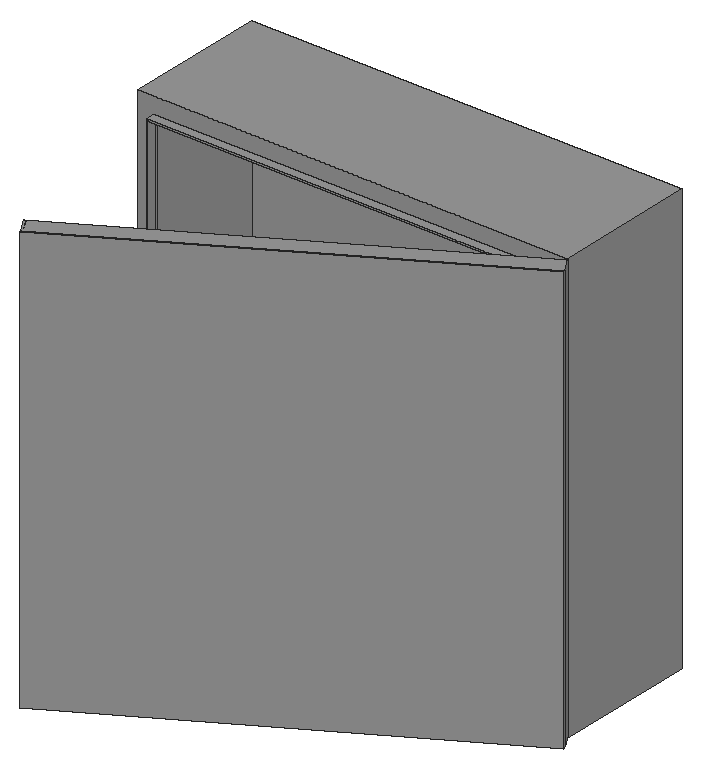
Revit family "Hager-Orion_Inox-IP66-D150-Cl.I-Inox_encl-630A-400mm-NoHosted-CH-de", category Electrical Equipment, Revit 2020
Family settings
  Panel Configuration = Two Columns, Circuits Across
  Round Connector Dimension = Use Diameter
  Part Type = Panelboard
  Work Plane-Based = Yes
  Always vertical = Yes
  Cut with Voids When Loaded = No
  Shared = No
  Room Calculation Point = No
Parameters (values of type "Aufputz IP66 B400 H400 T150  - FL014BWL")
  Width Control [instance] = if([EF000008 - Breite] > Min Width, [EF000008 - Breite], Min Width)  # 400 mm
  Type Comments = [HG000003 - Bereich]  # "Orion Inox"
  Thickness Door [instance] = if([EF009171 - Materialstärke Tür/Deckel] > 3 mm, 3 mm, [EF009171 - Materialstärke Tür/Deckel])  # 1.5 mm
  Seal Frame Offset [instance] = 17 mm  # constant formula
  Min Width [instance] = 100 mm  # constant formula
  Min Depth [instance] = (2 * [EF009170 - Materialstärke Gehäuse]) + 1 mm  # 4 mm
  Min Height [instance] = 100 mm  # constant formula
  Internal Frame Depth [instance] = -(Door System Depth * 0.5)  # -9 mm
  Panel Name [instance] = ""  # (empty or 0)
  Model = ""
  HG000027 - Sockelhöhe = 0 mm
  HG000026 - Stehend auf dem Boden = no
  HG000024 - Höhe des unteren Teils = 600 mm
  HG000023 - Gehäuse mit doppeltem Querschnitt = no
  HG000016 - 3D-Türsichtbarkeit [instance] = yes
  HG000015 - Sichtbarkeit der Türöffnung [instance] = no
  HG000014 - Tür rechts [instance] = yes
  HG000013 - Tür links [instance] = not([HG000014 - Tür rechts])  # no
  HG000012 - Türschwenkwinkel [instance] = 30.00°
  HG000010 - Asymmetrische Türen = no
  HG000009 - Doppelflügeligen Tür = no
  HG000006 - Unterputz = no
  HG000004 - Herstellerreferenz = "FL014BWL"
  HG000003 - Bereich = "Orion Inox"
  HG000002 - Mit tür = yes
  Frame Offset Bottom [instance] = 10 mm  # constant formula
  Frame Offset [instance] = 15 mm  # constant formula
  EF015940 - Deckel mit Überdruckentlastung = no
  EF011959 - Schutzart (NEMA) = ""
  EF009554 - Anzahl der Öffnungen für Flanschplatten = 0
  EF009212 - Ausführung Deckel = "EV009916 - mit Ausschnitt"
  EF009171 - Materialstärke Tür/Deckel = 1.5 mm
  EF009170 - Materialstärke Gehäuse = 1.5 mm
  EF008873 - Nennstrom (In) = 630 A
  EF007800 - Geeignet für Blitzschutz = no
  EF006306 - Mit Schloss = no
  EF006244 - Transparenter Deckel/Tür = no
  EF005474 - Schutzart (IP) = "EV006422 - IP66"
  EF004464 - Art der Tür = "EV002646 - Einzel"
  EF004427 - Anzahl der Module = 0
  EF004293 - Schlagfestigkeit = "EV008784 - IK10"
  EF003532 - Geeignet für Außengebrauch = yes
  EF002950 - Breite in Teilungseinheiten = 0
  EF001613 - Funktionserhalt = ""
  EF001596 - Werkstoff des Gehäuses = "EV000166 - rostfreier Stahl"
  EF001131 - Innentiefe = 116 mm
  EF001088 - Anbaumöglichkeit = yes
  EF000437 - Anzahl der Leitungseinführungen = 0
  EF000339 - Art der Abdeckung = "EV004216 - Tür"
  EF000266 - Anzahl der Reihen = 0
  EF000218 - Einbautiefe = 0 mm
  EF000118 - Mit Montageplatte = no
  EF000116 - RAL-Nummer = ""
  EF000049 - Tiefe = 150 mm
  EF000040 - Höhe = 400 mm
  EF000008 - Breite = 400 mm
  EF000007 - Farbe = "EV000154 - sonstige"
  EF000003 - Montageart = "EV000384 - Aufputz"
  Door System Leaf Tolerance [instance] = 1.5 mm  # constant formula
  Door System Depth [instance] = 18 mm  # constant formula
  Description = ""
  Default Elevation = 1219.2 mm
  Connector Offset [instance] = Height Control / 2  # 200 mm
  Manufacturer = "Hager"  # constant formula
  Height Control [instance] = if([EF000040 - Höhe] > Min Height, [EF000040 - Höhe], Min Height)  # 400 mm
  Depth Control [instance] = if([EF000049 - Tiefe] > Min Depth, [EF000049 - Tiefe], Min Depth)  # 150 mm
Types (4, lengths in mm): name | Width Control | HG000004 - Herstellerreferenz | EF009212 - Ausführung Deckel | EF006306 - Mit Schloss | EF006244 - Transparenter Deckel/Tür | EF004293 - Schlagfestigkeit | EF001613 - Funktionserhalt | EF000008 - Breite
  Aufputz IP66 B300 H400 T150  - FL014TW | 300 | "FL014TW" | "EV000116 - geschlossen" | yes | yes | "EV006814 - IK08" | "EV000494 - ohne" | 300
  Aufputz IP66 B300 H400 T150  - FL014TWL | 300 | "FL014TWL" | "EV000116 - geschlossen" | yes | yes | "EV006814 - IK08" | "EV000494 - ohne" | 300
  Aufputz IP66 B400 H400 T150  - FL014BW | 400 | "FL014BW" | "EV009916 - mit Ausschnitt" | no | no | "EV008784 - IK10" | "" | 400
  Aufputz IP66 B400 H400 T150  - FL014BWL | 400 | "FL014BWL" | "EV009916 - mit Ausschnitt" | no | no | "EV008784 - IK10" | "" | 400
Reference planes
  plane 1 "Center (Front/Back)": y = 0
  plane 2: z = 0
  plane 3 "Center (Left/Right)": x = 0
  plane 4: y = 0
  plane 5: y = 0
  plane 6: z = 0
  plane 7: x = -200
  plane 8: x = 200
  plane 9: x = 198.5
  plane 10: x = -198.5
  plane 11: z = 0
  plane 12: z = 1.5
  plane 13: y = -150
  plane 14: y = -1.5
  plane 15: x = 0
  plane 16: y = -132
  plane 17: y = -148.5
  plane 18: y = -130.5
  plane 19: x = -183.5
  plane 20: x = 183.5
  plane 21: z = 11.5
  plane 22: x = -183
  plane 23: x = 183
  plane 24: z = 0
  plane 25: z = 400
  plane 26: z = 400
  plane 27: z = 383.5
  plane 28: z = 398.5
Forms (mm)
  Extrusion 1, solid, material "Hager_Stainless_Steel", detail levels medium+fine
    sketch origin (-208.679, -4572, 0) x (-1, 0, 0) y (0, -1, 0)
      loop
        line (-8.679, -4440) -> (-408.679, -4440) -> (-408.679, -4572) -> (-8.679, -4572) -> (-8.679, -4440)
    from 0 to 400
  Extrusion 2, void
    sketch origin (-350.771, -150, 1219.2) x (1, 0, 0) y (0, 0, 1)
      loop
        line (152.271, -820.7) -> (152.271, -1217.7) -> (549.271, -1217.7) -> (549.271, -820.7) -> (152.271, -820.7)
    from -19.5 to -148.5
  Extrusion 3, void
    sketch origin (-290.084, -132, 1219.2) x (1, 0, 0) y (0, 0, 1)
      loop
        line (106.584, -1207.7) -> (473.584, -1207.7) -> (473.584, -835.7) -> (106.584, -835.7) -> (106.584, -1207.7)
    from 0 to -1.5
  Extrusion 4, solid, material "Hager_Stainless_Steel", detail levels fine
    sketch origin (-290.084, -132, 1219.2) x (-1, 0, 0) y (0, 0, 1)
      loop
        line (-473.584, -1207.7) -> (-106.584, -1207.7) -> (-106.584, -835.7) -> (-473.584, -835.7) -> (-473.584, -1207.7)
      loop
        line (-475.084, -1209.2) -> (-105.084, -1209.2) -> (-105.084, -834.2) -> (-475.084, -834.2) -> (-475.084, -1209.2)
    from 0 to -9 <- "Internal Frame Depth"
  Extrusion 5, solid, material "Hager_Stainless_Steel", detail levels coarse
    sketch origin (0, 0, 0) x (1, 0, 0) y (0, 1, 0)
      loop
        line (-200, 0) -> (-200, -150) -> (200, -150) -> (200, 0) -> (-200, 0)
    from 0 to 400 <- "Height Control"
Cuts and joins
  Extrusion 2, Extrusion 3 cuts Extrusion 1
Lines and regions (mm)
  Masking region 1
    outline origin (0, 0, 0) x (1, 0, 0) y (0, 1, 0)
      loop
        line (-200, 0) -> (-200, -150) -> (200, -150) -> (200, 0) -> (-200, 0)
  Masking region 2
    outline origin (-290.084, -132, 1219.2) x (-1, 0, 0) y (0, 0, 1)
      loop
        line (-490.084, -1219.2) -> (-90.084, -1219.2) -> (-90.084, -819.2) -> (-490.084, -819.2) -> (-490.084, -1219.2)
  Masking region 3, detail levels coarse
    outline origin (0, 0, 0) x (0, 1, 0) y (0, 0, 1)
      loop
        line (0, 0) -> (0, 400) -> (-150, 400) -> (-150, 0) -> (0, 0)
  Masking region 4, detail levels medium+fine
    outline origin (0, 0, 594.038) x (0, 1, 0) y (0, 0, 1)
      loop
        line (0, -594.038) -> (0, -194.038) -> (-132, -194.038) -> (-132, -594.038) -> (0, -594.038)
Dimensions and locks
  locked: plane 1 "Center (Front/Back)" to plane 5
  "EF009170 - Materialstärke Gehäuse": plane 7 to plane 10
  "EF009170 - Materialstärke Gehäuse": plane 8 to plane 9
  equal spacing: plane 7, plane 3 "Center (Left/Right)", plane 8
  "Width Control": plane 7 to plane 8
  "Depth Control": plane 4 to plane 13
  "EF009170 - Materialstärke Gehäuse": plane 4 to plane 14
  "Height Control": plane 25 to level
  "EF009170 - Materialstärke Gehäuse": plane 12 to plane 11
  "EF009170 - Materialstärke Gehäuse": plane 17 to plane 13
  "EF009170 - Materialstärke Gehäuse": plane 18 to plane 16
  "Frame Offset Bottom": plane 21 to plane 12
  "Frame Offset": plane 10 to plane 19
  "Frame Offset": plane 9 to plane 20
  "Door System Depth": plane 16 to plane 13
  "Seal Frame Offset": plane 7 to plane 22
  "Seal Frame Offset": plane 8 to plane 23
  "EF009170 - Materialstärke Gehäuse": plane 26 to plane 28
  "Frame Offset": plane 28 to plane 27
  "Connector Offset": plane 2 to connector elem
  "Thickness Door": cut or joined group of Extrusion 1, Extrusion 2, Extrusion 3 to Extrusion 4 sketch curve
  "Thickness Door": Extrusion 4 sketch curve to plane 19
  "Thickness Door": Extrusion 4 sketch curve to plane 20
  "Thickness Door": Extrusion 4 sketch curve to plane 27
  aligned and locked: plane 12 to Extrusion 2 sketch curve
  aligned and locked: Extrusion 2 sketch curve to plane 9
  aligned and locked: Extrusion 2 sketch curve to plane 10
  aligned and locked: plane 14 to Extrusion 2
  aligned and locked: plane 4 to Extrusion 1 sketch curve
  aligned and locked: plane 8 to Extrusion 1 sketch curve
  aligned and locked: plane 7 to Extrusion 1 sketch curve
  aligned and locked: Extrusion 2 to plane 18
  aligned and locked: plane 19 to Extrusion 3 sketch curve
  aligned and locked: plane 20 to Extrusion 3 sketch curve
  aligned and locked: Extrusion 3 to Extrusion 2
  aligned and locked: Extrusion 3 sketch curve to plane 21
  aligned and locked: plane 3 "Center (Left/Right)" to nested 1
  aligned and locked: Extrusion 1 sketch curve to plane 16
  aligned and locked: Masking region 1 sketch curve to plane 7
  aligned and locked: Masking region 1 sketch curve to plane 5
  aligned and locked: Masking region 1 sketch curve to plane 8
  aligned and locked: Masking region 2 sketch curve to level
  aligned and locked: level to Masking region 3 sketch curve
  aligned and locked: plane 1 "Center (Front/Back)" to Masking region 3 sketch curve
  aligned and locked: plane 13 to Masking region 3 sketch curve
  aligned and locked: Masking region 2 sketch curve to plane 8
  aligned and locked: Masking region 2 sketch curve to plane 7
  aligned and locked: plane 7 to nested 2
  aligned and locked: nested 2 to plane 5
  aligned and locked: plane 5 to Masking region 4 sketch curve
  aligned and locked: plane 26 to Masking region 4 sketch curve
  aligned and locked: Extrusion 5 sketch curve to plane 8
  aligned and locked: Extrusion 5 sketch curve to plane 7
  aligned and locked: Extrusion 5 sketch curve to plane 5
  aligned and locked: plane 27 to Extrusion 3 sketch curve
  aligned and locked: Extrusion 2 sketch curve to plane 28
  aligned and locked: plane 27 to Extrusion 4 sketch curve
  aligned and locked: Extrusion 4 sketch curve to plane 20
  aligned and locked: plane 21 to Extrusion 4 sketch curve
  aligned and locked: Extrusion 4 sketch curve to plane 19
  aligned and locked: Masking region 2 to plane 25
  aligned and locked: Masking region 4 sketch curve to plane 24
  aligned and locked: Masking region 1 to plane 13
  aligned and locked: nested 1 to plane 16
  aligned and locked: Masking region 3 to plane 25
  aligned and locked: Masking region 4 sketch curve to plane 16
  aligned and locked: plane 24 to plane 11
  aligned and locked: plane 26 to plane 25
  aligned and locked: level to plane 24
  aligned and locked: Extrusion 1 to Masking region 3
  aligned and locked: level to nested 1
Automatic sketch dimensions
  Extrusion 5 sketch curve to plane 13 = 0 mm
  plane 27 to Masking region 2 sketch curve = 16.5 mm
  plane 27 to Masking region 3 sketch curve = 16.5 mm
  Masking region 1 sketch curve to plane 13 = 0 mm
  Extrusion 3 sketch curve to plane 21 = 0 mm
  plane 19 to Extrusion 3 sketch curve = 0 mm
  Extrusion 3 sketch curve to plane 20 = 0 mm
Nested families
  nested 1: "EC000058_OrionInox_Door" at (0, -132, 0), Double <- "HG000009 - Doppelflügeligen Tür", Transparent <- "EF006244 - Transparenter Deckel/Tür", Angle <- "HG000012 - Türschwenkwinkel", Door_Right <- "HG000014 - Tür rechts", Assymetrical <- "HG000010 - Asymmetrische Türen", Door <- "HG000002 - Mit tür", Width_Ctrl <- "Width Control", 3d_Door <- "HG000016 - 3D-Türsichtbarkeit", Clearance <- "HG000015 - Sichtbarkeit der Türöffnung", Door_Left <- "HG000013 - Tür links", Width <- "Width Control", Door_Depth <- "Door System Depth", Leaf_Tolerance <- "Door System Leaf Tolerance", Height <- "Height Control", Thickness <- "Thickness Door", type "EC000058_OrionInox_Door", detail levels medium+fine
    with min_wh 4 mm, Width_Ctrl 400 mm, Width 400 mm, Transparent no, Thickness 1.5 mm, Seal_Material Hager_Rubber, Leaf_Width 400 mm, Leaf_Tolerance_External_Sides 0 mm, Leaf_Tolerance 1.5 mm, Leaf_Offset 0 mm, Leaf_Height 397 mm, Leaf_2_Width 400 mm, Leaf_2_Offset 200 mm, Leaf_1_Width 400 mm, Leaf_1_Offset 200 mm, Height_Ctrl 400 mm, Height 400 mm, Glass_Material Hager_Glass, Double_Clearance_Ctrl no, Double no, Door_Right_Ctrl yes, Door_Right yes, Door_Material Hager_Stainless_Steel, Door_Left_Ctrl no, Door_Left no, Door_Depth 18 mm, Door yes, Clearance_Material Hager_Clearance, Clearance_Depth 400 mm, Clearance_Ctrl no, Clearance no, Assymetrical no, Angle 30.00°, 3d_Door yes
  nested 2: "Hager_Enclosure_Symbol" at (-200, 0, 0), Height <- "Depth Control", Width <- "Width Control", type "Hager_Enclosure_Symbol"
    with Width_Ctrl 400 mm, Width 400 mm, Height_Ctrl 150 mm, Height 150 mm, A_Width_Int 9.844 mm, A_Width 118.125 mm, A_Height_Ctrl 131.25 mm, A_Height 131.25 mm
Connectors
  electrical at (0, 0, 200)
    settings: on plane 1 "Center (Front/Back)", index 1, voltage 0 V, apparent load 0 VA, apparent load phase1 0 VA, apparent load phase2 0 VA, apparent load phase3 0 VA, power factor 1, load classification "Other", number of poles 1, system type 30, power factor state 1, is connector primary yes, connector utility no, sub classification motor no, connector description ""
Definition of nested family "EC000058_OrionInox_Door"
  Parameters (values of type "EC000058_OrionInox_Door")
    min_wh [instance] = (2 * Thickness) + 1 mm  # 11 mm
    Width_Ctrl [instance] = 400 mm
    Width [instance] = 500 mm
    Transparent [instance] = yes
    Thickness [instance] = 5 mm
    Seal_Material [instance] = none
    Leaf_Width [instance] = if((Width_Ctrl - 2 * Leaf_Tolerance_External_Sides) > 0 mm, (Width_Ctrl - 2 * Leaf_Tolerance_External_Sides), min_wh)  # 400 mm
    Leaf_Tolerance_External_Sides [instance] = 0 mm  # constant formula
    Leaf_Tolerance [instance] = 1.5 mm
    Leaf_Offset [instance] = 0 mm  # constant formula
    Leaf_Height [instance] = if((Height_Ctrl - 2 * Leaf_Tolerance) > 0 mm, (Height_Ctrl - 2 * Leaf_Tolerance), min_wh)  # 497 mm
    Leaf_2_Width [instance] = if(and(and(Double, Assymetrical), Door_Left), (Leaf_Width / 3) - (Leaf_Tolerance / 2), if(and(and(Double, Assymetrical), Door_Right), (Leaf_Width / 3) * 2 - (Leaf_Tolerance / 2), if(and(Double, not(Assymetrical)), (Leaf_Width / 2) - Leaf_Tolerance, Leaf_Width)))  # 400 mm
    Leaf_2_Offset [instance] = if(and(Double, Assymetrical), Leaf_2_Width / 2, if(and(Double, not(Assymetrical)), Leaf_Width / 4, Leaf_Width / 2))  # 200 mm
    Leaf_1_Width [instance] = if(and(and(Double, Assymetrical), Door_Right), (Leaf_Width / 3) - (Leaf_Tolerance / 2), if(and(and(Double, Assymetrical), Door_Left), (Width / 3) * 2 - (Leaf_Tolerance / 2), if(and(Double, not(Assymetrical)), (Leaf_Width / 2) - Leaf_Tolerance, Leaf_Width)))  # 400 mm
    Leaf_1_Offset [instance] = if(and(Double, Assymetrical), Leaf_1_Width / 2, if(and(Double, not(Assymetrical)), Leaf_Width / 4, Leaf_Width / 2))  # 200 mm
    Height_Ctrl [instance] = if(Height > min_wh, Height, min_wh)  # 500 mm
    Height [instance] = 500 mm
    Glass_Material [instance] = none
    Double_Clearance_Ctrl [instance] = and(Double, Clearance)  # no
    Double [instance] = no
    Door_Right_Ctrl [instance] = and(or(Door_Right, Double), Door)  # yes
    Door_Right [instance] = yes
    Door_Material [instance] = none
    Door_Left_Ctrl [instance] = and(or(Door_Left, Double), Door)  # no
    Door_Left [instance] = no
    Door_Depth [instance] = 30 mm
    Door [instance] = yes
    Default Elevation = 1219.2 mm
    Clearance_Material [instance] = none
    Clearance_Depth [instance] = if(Leaf_1_Width > Leaf_2_Width, Leaf_1_Width, Leaf_2_Width)  # 400 mm
    Clearance_Ctrl [instance] = and(not(Double), Clearance)  # yes
    Clearance [instance] = yes
    Assymetrical [instance] = yes
    Angle [instance] = 30.00°
    3d_Door [instance] = yes
  Reference planes
    plane 1 "Center (Front/Back)": y = 0
    plane 2 "Bottom": z = 0
    plane 3 "Center (Left/Right)": x = 0
    plane 4: z = 500
    plane 5: x = -200
    plane 6: x = 200
    plane 7: z = 500
    plane 8: x = -200
    plane 9: z = 0
    plane 10: x = 200
    plane 11: y = 0
    plane 12: z = 1.5
    plane 13: x = -600
    plane 14: y = -400
    plane 15: x = 600
    plane 16: x = 0
    plane 17: x = 0
    plane 18: x = -200
    plane 19: x = 200
    plane 20: z = 498.5
  Forms (mm)
    Extrusion 1, solid, material <- "Clearance_Material", visible <- "Double_Clearance_Ctrl"
      sketch origin (1200, 0, 0) x (1, 0, 0) y (0, 0, -1)
        loop
          line (-1800, -498.5) -> (-600, -498.5) -> (-600, 0) -> (-1800, 0) -> (-1800, -498.5)
      from 0 to -400
  Dimensions and locks
    equal spacing: plane 5, plane 3 "Center (Left/Right)", plane 6
    "Width_Ctrl": plane 5 to plane 6
    "Leaf_Offset": plane 5 to plane 8
    "Leaf_Offset": plane 6 to plane 10
    "Leaf_Offset": plane 9 to level
    "Leaf_Offset": plane 4 to plane 7
    "Height_Ctrl": plane 4 to level
    "Leaf_Tolerance": plane 12 to plane 9
    locked: plane 11 to plane 1 "Center (Front/Back)"
    "Leaf_1_Offset": plane 18 to plane 16
    "Leaf_2_Offset": plane 17 to plane 19
    "Leaf_1_Width": plane 13 to plane 8
    "Leaf_2_Width": plane 10 to plane 15
    "Clearance_Depth": plane 14 to plane 1 "Center (Front/Back)"
    "Leaf_Tolerance_External_Sides": plane 8 to plane 18
    "Leaf_Tolerance_External_Sides": plane 19 to plane 10
    "Leaf_Tolerance": plane 7 to plane 20
    aligned and locked: level to plane 2 "Bottom"
    aligned and locked: nested 1 to plane 16
    aligned and locked: nested 2 to plane 17
    aligned and locked: Extrusion 1 to plane 13
    aligned and locked: plane 15 to Extrusion 1
    aligned and locked: Extrusion 1 to plane 14
    aligned and locked: plane 12 to nested 1
    aligned and locked: nested 2 to plane 12
    aligned and locked: Extrusion 1 to plane 11
    aligned and locked: plane 20 to Extrusion 1
    aligned and locked: nested 2 to plane 11
    aligned and locked: nested 1 to plane 11
  Automatic sketch dimensions
    Extrusion 1 sketch curve to level = 0 mm
    plane 5 to Extrusion 1 sketch curve = 400 mm
    plane 6 to Extrusion 1 sketch curve = 400 mm
    Extrusion 1 sketch curve to plane 4 = 1.5 mm
  Nested families
    nested 1: "EC000058_OrionInox_Door_Leaf" at (0, 0, 1.5), Width <- "Leaf_1_Width", visible <- "Door_Left_Ctrl", Leaf_Height <- "Leaf_Height", Angle <- "Angle", 3d_Door <- "3d_Door", Transparent <- "Transparent", Clearance Material <- "Clearance_Material", Clearance <- "Clearance_Ctrl", Door_Material <- "Door_Material", Glass_Material <- "Glass_Material", Door_Depth <- "Door_Depth", Seal_Material <- "Seal_Material", Thickness <- "Thickness", type "EC000058_OrionInox_Door_Leaf"
      with Width 400 mm, Transparent_Ctrl yes, Transparent yes, Thickness 5 mm, Standard no, Seal_Material none, Seal_D2 8 mm, Seal_D1 1 mm, Offset_Internal_Frame 10 mm, Lock_Width 28 mm, Lock_Thickness 2 mm, Lock_Radius 6 mm, Leaf_Height 497 mm, Internal_Seal_Thickness 8 mm, Internal_Seal_Depth_2 4.5 mm, Internal_Frame_Depth 25 mm, Glass_Thickness -1 mm, Glass_Offset -2 mm, Glass_Material none, Door_Material none, Door_Depth 30 mm, Clearance Material none, Clearance yes, Angle_Ctrl 30.00°, Angle 30.00°, 3d_Door yes
    nested 2: "EC000058_OrionInox_Door_Leaf" at (0, 0, 1.5) x (-1, 0, 0) z (0, 0, 1), Width <- "Leaf_2_Width", visible <- "Door_Right_Ctrl", Leaf_Height <- "Leaf_Height", Angle <- "Angle", 3d_Door <- "3d_Door", Transparent <- "Transparent", Clearance Material <- "Clearance_Material", Clearance <- "Clearance_Ctrl", Door_Material <- "Door_Material", Glass_Material <- "Glass_Material", Door_Depth <- "Door_Depth", Seal_Material <- "Seal_Material", Thickness <- "Thickness", type "EC000058_OrionInox_Door_Leaf"
      with Width 400 mm, Transparent_Ctrl yes, Transparent yes, Thickness 5 mm, Standard no, Seal_Material none, Seal_D2 8 mm, Seal_D1 1 mm, Offset_Internal_Frame 10 mm, Lock_Width 28 mm, Lock_Thickness 2 mm, Lock_Radius 6 mm, Leaf_Height 497 mm, Internal_Seal_Thickness 8 mm, Internal_Seal_Depth_2 4.5 mm, Internal_Frame_Depth 25 mm, Glass_Thickness -1 mm, Glass_Offset -2 mm, Glass_Material none, Door_Material none, Door_Depth 30 mm, Clearance Material none, Clearance yes, Angle_Ctrl 30.00°, Angle 30.00°, 3d_Door yes
  Definition of nested family "EC000058_OrionInox_Door_Leaf"
    Parameters (values of type "EC000058_OrionInox_Door_Leaf")
      Width [instance] = 450 mm
      Transparent_Ctrl [instance] = and(Transparent, [3d_Door])  # yes
      Transparent [instance] = yes
      Thickness [instance] = 5 mm
      Standard [instance] = and(not(Transparent), [3d_Door])  # no
      Seal_Material [instance] = none
      Seal_D2 [instance] = 8 mm  # constant formula
      Seal_D1 [instance] = 1 mm  # constant formula
      Offset_Internal_Frame [instance] = 10 mm  # constant formula
      Lock_Width [instance] = Door_Depth - Lock_Thickness  # 28 mm
      Lock_Thickness [instance] = 2 mm  # constant formula
      Lock_Radius [instance] = 6 mm  # constant formula
      Leaf_Height [instance] = 450 mm
      Internal_Seal_Thickness [instance] = 8 mm  # constant formula
      Internal_Seal_Depth_2 [instance] = 4.5 mm  # constant formula
      Internal_Frame_Depth [instance] = if(Door_Depth - Thickness > 5 mm, Door_Depth - Thickness, 5 mm)  # 25 mm
      Glass_Thickness [instance] = if(Thickness > 15 mm, Glass_Offset + 10 mm, -1 mm)  # -1 mm
      Glass_Offset [instance] = if(Thickness > 15 mm, -(Thickness + 10 mm) / 2, -2 mm)  # -2 mm
      Glass_Material [instance] = none
      Door_Material [instance] = none
      Door_Depth [instance] = 30 mm
      Default Elevation = 0 mm
      Clearance Material [instance] = none
      Clearance [instance] = yes
      Angle_Ctrl [instance] = if(Angle > 180.00°, 180.00°, Angle)  # 90.00°
      Angle [instance] = 90.00°
      3d_Door [instance] = yes
    Reference planes
      plane 1 "Center (Front/Back)": y = 0
      plane 2: z = 0
      plane 3 "Center (Left/Right)": x = 0
      plane 4: y = 450
      plane 5: x = -225
      plane 6: x = 225
      plane 7: x = -675
      plane 8: z = 450
      plane 9: z = 30
      plane 10: z = 420
      plane 11: x = 195
      plane 12: x = -195
      plane 13: y = -3
      plane 14: z = 107.833
      plane 15: y = -5
      plane 16: y = -223.314
      plane 17: x = -225
      plane 18: y = 30
    Forms (mm)
      Extrusion 1, solid, material <- "Clearance Material", visible <- "Clearance"
        sketch origin (0, 0, 0) x (1, 0, 0) y (0, 0, 1)
          loop
            line (-675, 450) -> (-675, 0) -> (225, 0) -> (225, 450) -> (-675, 450)
        from 0 to -450
      Extrusion 2, solid, material <- "Door_Material", visible <- "Standard", detail levels medium+fine
        sketch origin (-225, 0, 0) x (0, 1, 0) y (-1, 0, 0)
          loop
            line (0, 30) -> (0, 25) -> (450, 25) -> (450, 30) -> (0, 30)
        from 0 to 450 <- "Leaf_Height"
      Extrusion 3, solid, material <- "Door_Material", visible <- "Transparent_Ctrl", detail levels medium+fine
        sketch origin (-225, 0, 0) x (0, 1, 0) y (-1, 0, 0)
          loop
            line (0, 25) -> (450, 25) -> (450, 30) -> (0, 30) -> (0, 25)
        from 0 to 450 <- "Leaf_Height"
      Extrusion 4, void
        sketch origin (-250, 450, 0) x (0, 1, 0) y (0, 0, -1)
          loop
            line (-30, -420) -> (-30, -30) -> (-420, -30) -> (-420, -420) -> (-30, -420)
        from 0 to 5 <- "Thickness"
      Sweep 5, solid, material <- "Seal_Material", visible <- "Transparent_Ctrl", detail levels fine
        path in 3D
          loop
            line (-250, 30, 30) -> (-250, 30, 420) -> (-250, 420, 420) -> (-250, 420, 30) -> (-250, 30, 30)
        profile origin (-250, 225, 30) x (1, 0, 0) y (0, 0, 1)
          loop
            line (0, 0) -> (0, -8) -> (1, -8) -> (1, 0) -> (0, 0)
      Extrusion 6, solid, material <- "Glass_Material", visible <- "Transparent_Ctrl", detail levels medium+fine
        sketch origin (-255, 0, 0) x (0, 1, 0) y (0, 0, -1)
          loop
            line (420, -420) -> (420, -30) -> (30, -30) -> (30, -420) -> (420, -420)
        from -2 <- "Glass_Offset" to -1 <- "Glass_Thickness"
      Extrusion 7, solid, material <- "Door_Material", visible <- "3d_Door", detail levels medium+fine
        sketch origin (-250, 450, 0) x (0, -1, 0) y (0, 0, -1)
          loop
            line (0, -450) -> (450, -450) -> (450, 0) -> (0, 0) -> (0, -450)
          loop
            line (445, -5) -> (5, -5) -> (5, -445) -> (445, -445) -> (445, -5)
        from 0 to 25 <- "Internal_Frame_Depth"
      Sweep 8, solid, material <- "Seal_Material", visible <- "Transparent_Ctrl", detail levels fine
        path in 3D
          loop
            line (-250, 0, 0) -> (-250, 450, 0) -> (-250, 450, 450) -> (-250, 0, 450) -> (-250, 0, 0)
        profile origin (-250, 0, 225) x (1, 0, 0) y (0, 1, 0)
          loop
            line (0, 10) -> (2.975, 10)
            arc (2.975, 10) -> (4.053, 10.447) -> (4.5, 11.525) r 1.525
            line (4.5, 11.525) -> (4.5, 16.527)
            arc (4.5, 16.527) -> (4.069, 17.569) -> (3.027, 18) r 1.473
            line (3.027, 18) -> (0, 18) -> (0, 10)
    Cuts and joins
      Extrusion 4 cuts Extrusion 3
    Lines and regions (mm)
      Masking region 1, detail levels medium+fine
        outline origin (0, 0, 0) x (0, 1, 0) y (0, 0, 1)
          loop
            line (0, 0) -> (30, 0) -> (30, 450) -> (0, 450) -> (0, 0)
      Masking region 2, detail levels medium+fine
        outline origin (0, 0, 0) x (1, 0, 0) y (0, 0, 1)
          loop
            line (-225, 450) -> (-225, 0) -> (225, 0) -> (225, 450) -> (-225, 450)
      symbolic lines
        curve 1: line (225, 0, 0) -> (-675, 0, 0)
        curve 2: arc (225, 0, 0) -> (-225, 450, 0) -> (-675, 0, 0) r 450
        curve 4: line (-255, 0, 0) -> (-255, 450, 0)
      reference lines
        curve 3: line (-225, 0, 0) -> (-225, 450, 0)
      symbolic lines, detail levels medium+fine
        curve 5: line (-255, 450, 0) -> (-250, 450, 0)
        curve 7: line (-250, 0, 0) -> (-255, 0, 0)
        curve 8: line (-250, 0, 0) -> (-225, 0, 0)
        curve 9: line (-225, 0, 0) -> (-225, 450, 0)
        curve 10: line (-225, 450, 0) -> (-250, 450, 0)
      symbolic lines, detail levels fine
        curve 6: line (-250, 450, 0) -> (-250, 0, 0)
      sketch lines
        curve 11: line (-250, 0, 450) -> (-250, 0, 0)
        curve 12: line (-250, 450, 0) -> (-250, 0, 0)
        curve 13: line (-250, 450, 450) -> (-250, 450, 0)
        curve 14: line (-250, 0, 450) -> (-250, 450, 450)
        curve 15: line (-250, 420, 30) -> (-250, 30, 30)
        curve 16: line (-250, 30, 30) -> (-250, 30, 420)
        curve 17: line (-250, 420, 420) -> (-250, 420, 30)
        curve 18: line (-250, 30, 420) -> (-250, 420, 420)
      symbolic lines, visible <- "Transparent", detail levels medium+fine
        curve 19: line (-195, 0, 420) -> (195, 0, 420)
        curve 20: line (-195, 0, 30) -> (-195, 0, 420)
        curve 21: line (195, 0, 30) -> (-195, 0, 30)
        curve 22: line (195, 0, 420) -> (195, 0, 30)
    Dimensions and locks
      "Width": plane 1 "Center (Front/Back)" to plane 4
      equal spacing: plane 5, plane 3 "Center (Left/Right)", plane 6
      "Width": plane 5 to plane 6
      "Width": plane 7 to plane 5
      "Leaf_Height": plane 8 to level
      "Width": curve 5 to curve 3
      "Width": curve 3 to curve 3
      plane 8 to plane 10 = 30 mm
      plane 9 to level = 30 mm
      plane 12 to plane 5 = 30 mm
      plane 6 to plane 11 = 30 mm
      Extrusion 4 sketch curve to Extrusion 3 = 30 mm
      Extrusion 3 to Extrusion 4 sketch curve = 30 mm
      Extrusion 1 to Extrusion 4 sketch curve = 30 mm
      curve 3 to Extrusion 4 sketch curve = 30 mm
      Extrusion 4 sketch curve to cut or joined group of Extrusion 3, Extrusion 4 = 30 mm
      cut or joined group of Extrusion 3, Extrusion 4 to Extrusion 6 sketch curve = 30 mm
      cut or joined group of Extrusion 3, Extrusion 4 to Extrusion 4 sketch curve = 30 mm
      "Thickness": curve 6 to curve 4
      "Thickness": Extrusion 7 sketch curve to Extrusion 7 sketch curve  (x4)
      "Door_Depth": curve 4 to curve 3
      "Offset_Internal_Frame": profile plane to Sweep 8 sketch curve
      "Internal_Seal_Thickness": Sweep 8 sketch curve to Sweep 8 sketch curve
      "Internal_Seal_Depth_2": profile plane to Sweep 8 sketch curve
      "Seal_D1": profile plane to Sweep 5 sketch curve
      "Seal_D2": profile plane to Sweep 5 sketch curve
      "Thickness": Extrusion 2 sketch curve to Extrusion 2 sketch curve
      "Door_Depth": plane 18 to plane 1 "Center (Front/Back)"
      radius of Sweep 8 sketch curve = 1.525 mm
      radius of Sweep 8 sketch curve = 1.473 mm
      "Angle_Ctrl": angle plane 1 "Center (Front/Back)" to curve 3
      aligned and locked: level to plane 2
      aligned and locked: Extrusion 1 to curve 1
      aligned and locked: plane 6 to Extrusion 1
      aligned and locked: plane 1 "Center (Front/Back)" to Extrusion 1
      aligned and locked: plane 4 to Extrusion 1
      aligned and locked: plane 8 to Extrusion 1
      aligned and locked: curve 7 to Extrusion 2 sketch curve
      aligned and locked: curve 5 to Extrusion 2 sketch curve
      aligned and locked: curve 7 to Extrusion 3 sketch curve
      aligned and locked: Extrusion 3 sketch curve to curve 4
      aligned and locked: Extrusion 3 sketch curve to curve 6
      aligned and locked: Extrusion 3 sketch curve to curve 5
      aligned and locked: curve 9 to curve 3
      aligned and locked: Extrusion 7 sketch curve to cut or joined group of Extrusion 3, Extrusion 4  (x4)
      aligned and locked: plane 17 to curve 3
      aligned and locked: plane 1 "Center (Front/Back)" to curve 3
      aligned and locked: plane 17 to plane 5
      aligned and locked: Sweep 8 sketch curve to profile plane
      aligned and locked: Sweep 5 sketch curve to profile plane  (x2)
      aligned and locked: plane 1 "Center (Front/Back)" to Masking region 1 sketch curve
      aligned and locked: plane 18 to Masking region 1 sketch curve
      aligned and locked: level to Masking region 1 sketch curve
      aligned and locked: Masking region 1 sketch curve to plane 8
      aligned and locked: plane 17 to Masking region 2 sketch curve
      aligned and locked: level to Masking region 2 sketch curve
      aligned and locked: Masking region 2 sketch curve to plane 8
      aligned and locked: plane 12 to curve 20
      aligned and locked: plane 10 to curve 19
      aligned and locked: plane 11 to curve 22
      aligned and locked: plane 9 to curve 21
      aligned and locked: Extrusion 2 sketch curve to cut or joined group of Extrusion 3, Extrusion 4
    Automatic sketch dimensions
      plane 1 "Center (Front/Back)" to curve 2 = 0 mm
      curve 2 to plane 5 = 0 mm
      Extrusion 1 sketch curve to level = 0 mm
      Extrusion 1 sketch curve to plane 7 = 0 mm
      Extrusion 1 sketch curve to plane 6 = 0 mm
      Extrusion 1 sketch curve to plane 8 = 0 mm
      Extrusion 3 to Extrusion 6 sketch curve = 30 mm  (x4)
      Masking region 2 sketch curve to plane 6 = 0 mm
      curve 4 to curve 3 = 0 mm
Definition of nested family "Hager_Enclosure_Symbol"
  Parameters (values of type "Hager_Enclosure_Symbol")
    Width_Ctrl [instance] = if(Width > 1 mm, Width, 1 mm)  # 102.27 mm
    Width [instance] = 102.27 mm
    Height_Ctrl [instance] = if(Height > 1 mm, Height, 1 mm)  # 66.5 mm
    A_Width_Int [instance] = if(A_Width / 12 > 2 mm, A_Width / 12, 2 mm)  # 4.364 mm
    A_Width [instance] = if(A_Height_Ctrl * 0.9 > 2 mm, A_Height_Ctrl * 0.9, 2 mm)  # 52.369 mm
    A_Height_Ctrl [instance] = if(A_Height > 2 mm, A_Height, 2 mm)  # 58.188 mm
    Height [instance] = 66.5 mm
    A_Height [instance] = Height - (Height / 8)  # 58.188 mm
  Reference planes
    plane 1 "Centre (avant/arrière)": y = 0
    plane 2: z = 0
    plane 3 "Centre (gauche/droite)": x = 0
    plane 4: x = 52.369
    plane 5: y = 33.042
    plane 6: y = 41.77
    plane 7: y = 66.5
    plane 8: x = 26.184
    plane 9: y = 37.406
    plane 10: x = 102.27
    plane 11: y = 66.5
    plane 12: y = 8.313
  Lines and regions (mm)
    Filled region 1, type "Solid_Black", in view "Niveau de réf."
      outline origin (0, 0, 0) x (1, 0, 0) y (0, 1, 0)
        loop
          line (52.369, 66.5) -> (33.188, 54.536) -> (45.365, 45.006) -> (52.369, 66.5)
    Filled region 2, type "Solid_Black", in view "Niveau de réf."
      outline origin (0, 0, 0) x (1, 0, 0) y (0, 1, 0)
        loop
          line (0, 0) -> (102.27, 0) -> (102.27, 66.5) -> (0, 0)
    detail lines, in view "Niveau de réf."
      curve 1: line (0, 8.313, 0) -> (26.184, 41.77, 0)
      curve 2: line (26.184, 41.77, 0) -> (26.184, 33.042, 0)
      curve 3: line (26.184, 33.042, 0) -> (52.369, 66.5, 0)
  Dimensions and locks
    "A_Width": plane 3 "Centre (gauche/droite)" to plane 4
    equal spacing: plane 3 "Centre (gauche/droite)", plane 8, plane 4
    equal spacing: plane 6, plane 9, plane 5
    equal spacing: curve 3, Filled region 1 sketch curve, Filled region 1 sketch curve
    "Height_Ctrl": plane 1 "Centre (avant/arrière)" to plane 11
    "A_Height_Ctrl": plane 11 to plane 12
    equal spacing: plane 11, plane 9, plane 12
    "A_Width_Int": plane 6 to plane 9
    "Width_Ctrl": plane 3 "Centre (gauche/droite)" to plane 10
    angle Filled region 1 sketch curve to curve 3 = 20.00°
    angle curve 3 to Filled region 1 sketch curve = 20.00°
    locked: curve 3 to Filled region 1 sketch curve (angle 90.00°)
    aligned and locked: plane 10 to Filled region 2
    aligned and locked: plane 11 to Filled region 2 sketch curve
    aligned and locked: plane 10 to Filled region 2 sketch curve
    aligned and locked: plane 3 "Centre (gauche/droite)" to curve 1
    aligned and locked: plane 12 to curve 1
    aligned and locked: plane 7 to plane 11
  Automatic sketch dimensions
    Filled region 1 sketch curve to plane 4 = 0 mm
    Filled region 1 sketch curve to plane 7 = 0 mm
    plane 1 "Centre (avant/arrière)" to Filled region 2 sketch curve = 0 mm
    Filled region 2 sketch curve to plane 3 "Centre (gauche/droite)" = 0 mm
    curve 2 to plane 6 = 0 mm
    curve 2 to plane 8 = 0 mm
    curve 3 to plane 4 = 0 mm
    curve 2 to plane 5 = 0 mm
    curve 3 to plane 7 = 0 mm
